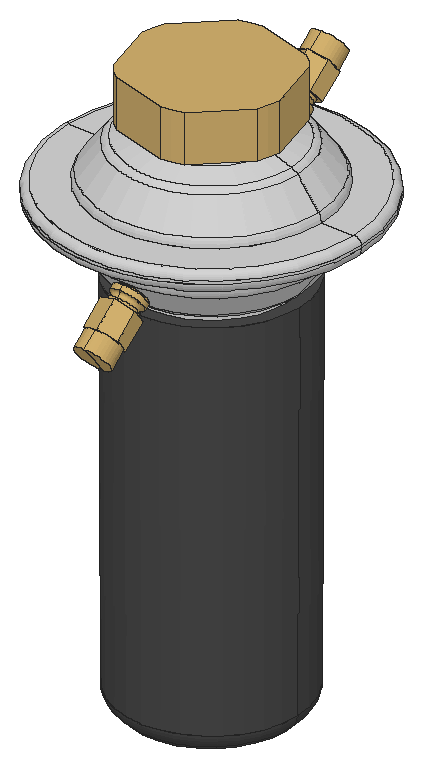
Revit family "AVP Actuator_Flow_PN16_RFA", category Pipe Accessories, Revit 2019
Family settings
  Round Connector Dimension = Use Diameter
  Part Type = Normal
  OmniClass Number = 23.65.55.14.17
  OmniClass Title = Adjusting/Controlling Valves for Liquid Services
  Work Plane-Based = No
  Always vertical = Yes
  Cut with Voids When Loaded = No
  Shared = No
Parameters (values of type "AVP Actuator_Flow_PN16_dP0.05-0.5bar_003H6823")
  URL = "https://store.danfoss.com/en/search/?q=003H682%3Arelevance%3Adanfoss_a50311485896%3ATA7_2941857&text=003H682"
  Spring Colour = Danfoss Steel Paint Grey (Spring)
  Nominal Pressure = "PN 16"  # constant formula
  Model Type = "AVP Actuator_Flow_PN16_dP0.05-0.5bar"
  Model = "003H6823"
  Manufacturer = "Danfoss"  # constant formula
  LOD 350 [instance] = not(LOD 200)  # yes
  LOD 200 [instance] = no
  Differential Pressure Setting Range = "0.05-0.5 bar"
  Description = "Spring Actuator"  # constant formula
  Body Material = Danfoss Steel Zinc Plated
  Actuator size = 39.0 cm²  # constant formula
Types (2, lengths in mm): name | Spring Colour | Model Type | Model | Differential Pressure Setting Range
  AVP Actuator_Flow_PN16_dP0.05-0.5bar_003H6823 | Danfoss Steel Paint Grey (Spring) | "AVP Actuator_Flow_PN16_dP0.05-0.5bar" | "003H6823" | "0.05-0.5 bar"
  AVP Actuator_Flow_PN16_dP0.2-1.0/0.8-1.6 bar_003H6824 | Danfoss Steel Paint Black (Spring) | "AVP Actuator_Flow_PN16_dP0.2-1.0/0.8-1.6 bar" | "003H6824" | "0.2-1.0 bar / 0.8-1.6 bar"
Reference planes
  plane 1 "Center (Front/Back)": y = 0
  plane 2: z = 0
  plane 3 "Center (Left/Right)": x = 0
  plane 4: z = -195.33
  plane 5: z = -202.178
  plane 6: through (-46.988, -1524, -65.521) normal (-0.6149, 0, 0.7886)
  plane 7: through (-56.101, -1524, -66.25) normal (-0.7886, 0, -0.6149)
Forms (mm)
  Extrusion 1, solid, material "Danfoss Brass", visible <- "LOD 350"
    sketch origin (0, 0, 0) x (1, 0, 0) y (0, 1, 0)
      loop
        line (-10.467, 24.889) -> (-24.889, 10.467)
        arc (-24.889, 10.467) -> (-26.172, 7.013) -> (-26.788, 3.38) r 19.648
        line (-26.788, 3.38) -> (-21.509, -16.321)
        arc (-21.509, -16.321) -> (-19.132, -19.132) -> (-16.321, -21.509) r 22.11
        line (-16.321, -21.509) -> (3.38, -26.788)
        arc (3.38, -26.788) -> (6.987, -26.075) -> (10.467, -24.889) r 27.516
        line (10.467, -24.889) -> (24.889, -10.467)
        arc (24.889, -10.467) -> (26.121, -6.999) -> (26.788, -3.38) r 23.157
        line (26.788, -3.38) -> (21.509, 16.321)
        arc (21.509, 16.321) -> (19.119, 19.119) -> (16.321, 21.509) r 23.5
        line (16.321, 21.509) -> (-3.38, 26.788)
        arc (-3.38, 26.788) -> (-6.996, 26.11) -> (-10.467, 24.889) r 24.007
    from -16.5 to 0
  Revolve 2, solid, material "Danfoss Plastic Black", visible <- "LOD 350"
    sketch origin (0, 0, 0) x (1, 0, 0) y (0, 0, 1)
      loop
        line (0, -195.33) -> (-30.603, -195.33)
        arc (-30.603, -195.33) -> (-29.696, -198.102) -> (-27.674, -200.204) r 6.535
        arc (-27.674, -200.204) -> (-27.136, -200.682) -> (-26.758, -201.295) r 2.465
        arc (-26.758, -201.295) -> (-25.361, -201.952) -> (-23.833, -202.178) r 5.29
        line (-23.833, -202.178) -> (0, -202.178) -> (0, -195.33)
      axis (0, -195.33) -> (0, -202.178)
    angle from 0 to 360
  Revolve 3, solid, material "Danfoss Steel Zinc Plated" <- "Body Material", visible <- "LOD 350"
    sketch origin (0, 0, 0) x (1, 0, 0) y (0, 0, 1)
      loop
        line (0, -16.5) -> (0, -65.534) -> (26.737, -65.534) -> (26.737, -63.937)
        arc (26.737, -63.937) -> (29.079, -63.104) -> (30.971, -61.492) r 6.866
        line (30.971, -61.492) -> (38.343, -52.057)
        arc (38.343, -52.057) -> (39.204, -50.47) -> (39.502, -48.689) r 5.47
        line (39.502, -48.689) -> (39.502, -47.779)
        arc (39.502, -47.779) -> (40.271, -45.777) -> (42.181, -44.804) r 2.991
        line (42.181, -44.804) -> (45.374, -44.525)
        arc (45.374, -44.525) -> (46.73, -44.136) -> (47.841, -43.268) r 3.695
        arc (47.841, -43.268) -> (48.174, -43.012) -> (48.582, -42.907) r 1.055
        line (48.582, -42.907) -> (49.588, -42.907)
        arc (49.588, -42.907) -> (52.032, -41.876) -> (52.999, -39.406) r 3.413
        line (52.999, -39.406) -> (52.999, -38.415)
        arc (52.999, -38.415) -> (52.265, -36.641) -> (50.492, -35.907) r 2.508
        line (50.492, -35.907) -> (38.992, -35.907)
        arc (38.992, -35.907) -> (38.689, -34.4) -> (37.942, -33.057) r 4.989
        line (37.942, -33.057) -> (30.581, -23.618)
        arc (30.581, -23.618) -> (29.599, -22.686) -> (28.387, -22.082) r 4.567
        line (28.387, -22.082) -> (21.51, -19.442)
        arc (21.51, -19.442) -> (20.77, -19.223) -> (20.005, -19.122) r 4.918
        line (20.005, -19.122) -> (20.005, -16.5) -> (0, -16.5)
      axis (0, -65.534) -> (0, -16.5)
    angle from 0 to 360
  Revolve 4, solid, material "Danfoss Brass", visible <- "LOD 350"
    sketch origin (0, 0, 0) x (0, 1, 0) y (0, 0, 1)
      loop
        line (-39.532, -59.707) -> (-34.503, -55.785) -> (-37.964, -52.324) -> (-39.098, -52.124) -> (-40.681, -53.361)
        arc (-40.681, -53.361) -> (-40.411, -54.689) -> (-41.723, -55.028) r 0.984
        line (-41.723, -55.028) -> (-42.628, -55.736) -> (-39.532, -59.707)
      axis (-39.532, -59.707) -> (-34.503, -55.785)
    angle from 0 to 360
  Revolve 5, solid, material "Danfoss Brass", visible <- "LOD 350"
    sketch origin (0, 0, 0) x (0, 1, 0) y (0, 0, 1)
      loop
        line (-52.543, -69.853) -> (-47.417, -65.856) -> (-51.161, -61.056) -> (-56.287, -65.053) -> (-52.543, -69.853)
      axis (-52.543, -69.853) -> (-47.417, -65.856)
    angle from 0 to 360
  Sweep 6, solid, material "Danfoss Brass", visible <- "LOD 350"
    path origin (0, 0, 0) x (0, 1, 0) y (0, 0, 1)
      loop
        line (-47.417, -65.856) -> (-39.532, -59.707)
    profile origin (0, -43.474, -62.782) x (0, -0.614942, 0.788572) y (1, 0, 0)
      loop
        line (2.826, 6.059) -> (-3.835, 5.477) -> (-6.66, -0.583) -> (-2.826, -6.059) -> (3.835, -5.477) -> (6.66, 0.583) -> (2.826, 6.059)
  Blend 7, solid, material "Danfoss Plastic Black", visible <- "LOD 350"
    base sketch origin (0, 0, 0) x (1, 0, 0) y (0, 1, 0)
      loop
        circle (0, 0) r 30.6
    top sketch origin (0, 0, 0) x (1, 0, 0) y (0, 1, 0)
      loop
        circle (0, 0) r 31.2
    from -195.33 to -65.534
  Extrusion 8, solid, material "Danfoss Brass", visible <- "LOD 200"
    sketch origin (0, 0, 0) x (1, 0, 0) y (0, 1, 0)
      loop
        circle (0, 0) r 27.023
    from -16.5 to 0
  Sweep 9, solid, material "Danfoss Brass", visible <- "LOD 200"
    path origin (0, 0, 0) x (0, 1, 0) y (0, 0, 1)
      loop
        line (-52.543, -69.853) -> (-34.977, -56.155)
    profile origin (0, -43.76, -63.004) x (0, -0.614942, 0.788572) y (1, 0, 0)
      loop
        circle (0, 0) r 6.087
  Extrusion 10, solid, material "Danfoss Plastic Black", visible <- "LOD 200"
    sketch origin (0, 0, 0) x (1, 0, 0) y (0, 1, 0)
      loop
        circle (0, 0) r 31.2
    from -202.178 to -65.534
  Revolve 11, solid, material "Danfoss Steel Zinc Plated" <- "Body Material", visible <- "LOD 200"
    sketch origin (0, 0, 0) x (1, 0, 0) y (0, 0, 1)
      loop
        line (0, -16.5) -> (0, -65.534) -> (26.737, -65.534) -> (26.737, -63.937)
        arc (26.737, -63.937) -> (35.424, -56.347) -> (40.33, -45.907) r 28.104
        line (40.33, -45.907) -> (52.757, -45.907) -> (52.757, -35.907) -> (38.974, -35.907)
        arc (38.974, -35.907) -> (31.685, -25.033) -> (20.005, -19.122) r 25.855
        line (20.005, -19.122) -> (20.005, -16.5) -> (0, -16.5)
      axis (0, -16.5) -> (0, -65.534)
    angle from 0 to 360
  Revolve 12, solid, material "Danfoss Brass", visible <- "LOD 350"
    sketch origin (0, 0, -84.81) x (0, -1, 0) y (0, 0, -1)
      loop
        line (-39.532, -59.707) -> (-34.503, -55.785) -> (-37.964, -52.324) -> (-39.098, -52.124) -> (-40.681, -53.361)
        arc (-40.681, -53.361) -> (-40.411, -54.689) -> (-41.723, -55.028) r 0.984
        line (-41.723, -55.028) -> (-42.628, -55.736) -> (-39.532, -59.707)
      axis (-39.532, -59.707) -> (-34.503, -55.785)
    angle from 0 to 360
  Revolve 13, solid, material "Danfoss Brass", visible <- "LOD 350"
    sketch origin (0, 0, -84.81) x (0, -1, 0) y (0, 0, -1)
      loop
        line (-52.543, -69.853) -> (-47.417, -65.856) -> (-51.161, -61.056) -> (-56.287, -65.053) -> (-52.543, -69.853)
      axis (-52.543, -69.853) -> (-47.417, -65.856)
    angle from 0 to 360
  Sweep 14, solid, material "Danfoss Brass", visible <- "LOD 350"
    path origin (0, 0, -84.81) x (0, -1, 0) y (0, 0, -1)
      loop
        line (-47.417, -65.856) -> (-39.532, -59.707)
    profile origin (0, 43.474, -22.028) x (0, 0.614942, -0.788572) y (1, 0, 0)
      loop
        line (2.826, 6.059) -> (-3.835, 5.477) -> (-6.66, -0.583) -> (-2.826, -6.059) -> (3.835, -5.477) -> (6.66, 0.583) -> (2.826, 6.059)
  Sweep 15, solid, material "Danfoss Brass", visible <- "LOD 200"
    path origin (0, 0, -84.81) x (0, -1, 0) y (0, 0, -1)
      loop
        line (-52.543, -69.853) -> (-34.977, -56.155)
    profile origin (0, 43.76, -21.806) x (0, 0.614942, -0.788572) y (1, 0, 0)
      loop
        circle (0, 0) r 6.087
Dimensions and locks
  radius of Blend 7 sketch curve = 30.6 mm
  aligned and locked: level to plane 2
  aligned and locked: plane 5 to Extrusion 10
